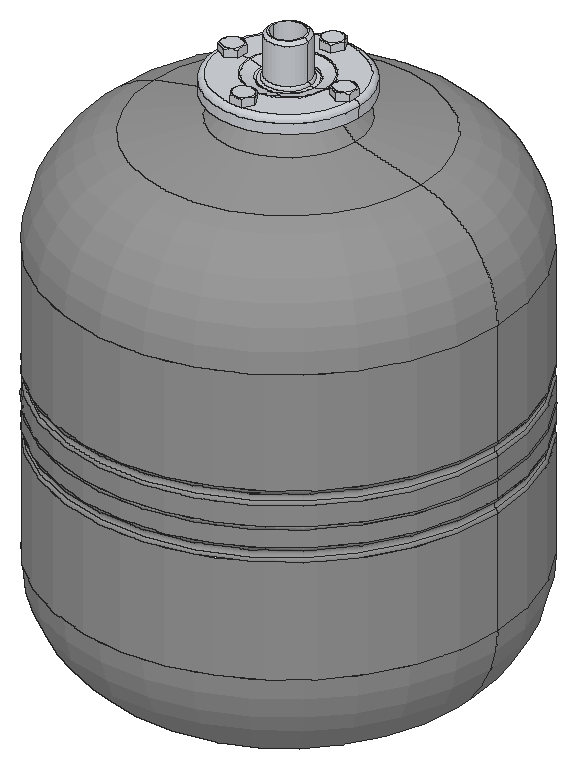
Revit family "WRV 18", category Оборудование, Revit 2014
Parameters
  Описание = "Мембранный бак для отопления V=18л, Py=5бар, 3/4\""
  Материал крышки = Черная резина
  Материал = Красная краска
  Масса кг = "2.8"
  Крышка [instance] = yes
  Комментарии к типоразмеру = "WRV 18"
  Изготовитель = "WESTER"  # constant formula
  URL = "http://www.wester.su/"
Reference planes
  plane 1 "По центру (Вперед/Назад)": y = 0
  plane 2: z = 0
  plane 3 "По центру (Влево/Вправо)": x = 0
  plane 4: z = 161.5
Forms (mm)
  Revolve 1, solid, material "Красная краска" <- "Материал"
    sketch origin (-161.5, 0, 141.055) x (0, 0, -1) y (1, 0, 0)
      loop
        line (54.946, 301.504) -> (-15.622, 301.504)
        arc (-15.622, 301.504) -> (-16.886, 301.194) -> (-17.864, 300.336) r 2.737
        arc (-17.864, 300.336) -> (-19.971, 299.111) -> (-22.101, 300.295) r 2.465
        arc (-22.101, 300.295) -> (-23.087, 301.183) -> (-24.374, 301.504) r 2.741
        line (-24.374, 301.504) -> (-35.283, 301.504)
        arc (-35.283, 301.504) -> (-36.136, 301.772) -> (-36.989, 301.504) r 1.491
        line (-36.989, 301.504) -> (-49.604, 301.504)
        arc (-49.604, 301.504) -> (-50.891, 301.183) -> (-51.877, 300.295) r 2.741
        arc (-51.877, 300.295) -> (-54.007, 299.111) -> (-56.114, 300.336) r 2.465
        arc (-56.114, 300.336) -> (-57.092, 301.194) -> (-58.356, 301.504) r 2.737
        line (-58.356, 301.504) -> (-128.001, 301.504)
        arc (-128.001, 301.504) -> (-170.022, 287.497) -> (-195.237, 251.081) r 70.04
        arc (-195.237, 251.081) -> (-200.87, 228.789) -> (-204.868, 206.147) r 316.121
        line (-204.868, 206.147) -> (-220.443, 190.572) -> (-220.443, 161.5) -> (124.057, 161.5) -> (124.057, 168.355)
        arc (124.057, 168.355) -> (124.128, 168.929) -> (124.385, 169.448) r 1.727
        line (124.385, 169.448) -> (133.11, 181.457)
        arc (133.11, 181.457) -> (133.947, 183.297) -> (133.994, 185.319) r 5.05
        arc (133.994, 185.319) -> (129.842, 218.58) -> (122.141, 251.204) r 311.646
        arc (122.141, 251.204) -> (96.914, 287.536) -> (54.946, 301.504) r 70.032
      axis (-220.443, 161.5) -> (133.994, 161.5)
    angle from 0 to 360
  Revolve 2, solid
    sketch origin (0, 0, 92.939) x (1, 0, 0) y (0, 0, 1)
      loop
        line (0, 268.559) -> (47.492, 268.559) -> (47.492, 274.974)
        arc (47.492, 274.974) -> (46.496, 277.464) -> (44.023, 278.5) r 3.47
        line (44.023, 278.5) -> (26.157, 278.5)
        arc (26.157, 278.5) -> (25.726, 278.448) -> (25.304, 278.35) r 3.918
        line (25.304, 278.35) -> (17.835, 276.159)
        arc (17.835, 276.159) -> (17.456, 276.04) -> (17.06, 276) r 1.968
        line (17.06, 276) -> (14.531, 276)
        arc (14.531, 276) -> (14.187, 277.207) -> (13.224, 278.012) r 2.132
        line (13.224, 278.012) -> (13.224, 302.006) -> (11.23, 304) -> (10.273, 304) -> (10.273, 278.5) -> (0, 278.5) -> (0, 268.559)
      axis (0, 304) -> (0, 268.559)
    angle from 0 to 360
  Revolve 3, solid
    sketch origin (0, 0, 0) x (1, 0, 0) y (0, 0, 1)
      loop
        line (3.985, 0.986) -> (3.985, 12.498) -> (6.063, 12.498) -> (6.063, 16.998) -> (0, 16.998) -> (0, 3.844) -> (1.586, 3.844) -> (2.15, 3.281) -> (2.15, -0.002) -> (2.997, -0.002) -> (3.985, 0.986)
      axis (0, 16.998) -> (0, -0.002)
    angle from 0 to 360
  Revolve 4, solid, material "Черная резина" <- "Материал крышки", visible <- "Крышка"
    sketch origin (0, 0, 0) x (1, 0, 0) y (0, 0, 1)
      loop
        line (0, -1.542) -> (0, 16.998) -> (-6.855, 16.998) -> (-23.238, 5.527) -> (-16.17, -1.542) -> (0, -1.542)
      axis (0, 16.998) -> (0, -1.542)
    angle from 0 to 360
Dimensions and locks
  aligned and locked: level to plane 2
Nested families
  nested 1: "Болт" at (-0.008, -37.5, 371.498) x (-0.5, -0.866, 0) z (0, 0, 1), type "Болт"
  nested 2: "Болт" at (37.5, 0.027, 371.498) x (0, -1, 0) z (0, 0, 1), type "Болт"
  nested 3: "Болт" at (-37.5, 0.008, 371.498) x (0, -1, 0) z (0, 0, 1), type "Болт"
  nested 4: "Болт" at (0.008, 37.5, 371.498) x (-0.5, -0.866, 0) z (0, 0, 1), type "Болт"
Connectors
  piping at (0, 0, 396.939), diameter 20
    settings: on Revolve 2, index 1, connector inside diameter 609.6 mm, connector length 0 mm, flow factor 0, pipe flow 0.0 L/s, pressure drop 0.0 Pa, fitting loss kfactor 0, connector angle 0.00°, fixture units 0, engagement length 0 mm, angle of deflection 0.00°, flow configuration 1, flow direction 0, fitting loss method 0, system type 29, joint type 0, gender type 0, connector reference index -1, connector utility 0, adjustable connector no, is connector primary yes, connector description ""
Definition of nested family "Болт"
  Parameters (values of type "Болт")
    Default Elevation = 1219.2 mm
  Reference planes
    plane 1 "По центру (Вперед/Назад)": y = 0
    plane 2: z = 0
    plane 3 "По центру (Влево/Вправо)": x = 0
  Forms (mm)
    Extrusion 1, solid
      sketch origin (0, 0, 0) x (1, 0, 0) y (0, 1, 0)
        loop
          line (-1219.2, 1219.2) -> (-1219.2, -1219.2) -> (1219.2, -1219.2) -> (1219.2, 1219.2) -> (-1219.2, 1219.2)
      from 0 to -304.8
    Extrusion 2, solid, detail levels medium+fine
      sketch origin (0, 0, 0) x (0, 1, 0) y (-1, 0, 0)
        loop
          line (-6.5, -3.753) -> (0, -7.506) -> (6.5, -3.753) -> (6.5, 3.753) -> (0, 7.506) -> (-6.5, 3.753) -> (-6.5, -3.753)
      from 0 to 5.3
    Extrusion 3, solid, detail levels medium+fine
      sketch origin (0, 0, 0) x (1, 0, 0) y (0, 1, 0)
        loop
          circle (0, 0) r 4
      from -14 to 0
    Revolve 4, void
      sketch origin (0, 0, 0) x (1, 0, 0) y (0, 0, 1)
        loop
          line (-7.506, 4.447) -> (-6.413, 5.3) -> (-7.506, 5.3) -> (-7.506, 4.447)
        axis (0, 5.3) -> (0, 4.3)
      angle from 0 to 360
    Revolve 5, void
      sketch origin (0, 0, 0) x (1, 0, 0) y (0, 0, 1)
        loop
          line (-4, -14) -> (-2.365, -14) -> (-4, -12.365) -> (-4, -14)
        axis (0, -12.365) -> (0, -14)
      angle from 0 to 360
  Cuts and joins
    Revolve 4 cuts Extrusion 2
    Revolve 5 cuts Extrusion 3
    joined: Extrusion 2, Extrusion 3
  Dimensions and locks
    aligned and locked: plane 2 to Extrusion 1
    aligned and locked: level to Extrusion 1
    aligned and locked: Revolve 4 sketch curve to plane 3 "По центру (Влево/Вправо)"
    aligned and locked: cut or joined group of Extrusion 2, Extrusion 3, Revolve 4, Revolve 5 to Revolve 4 sketch curve
